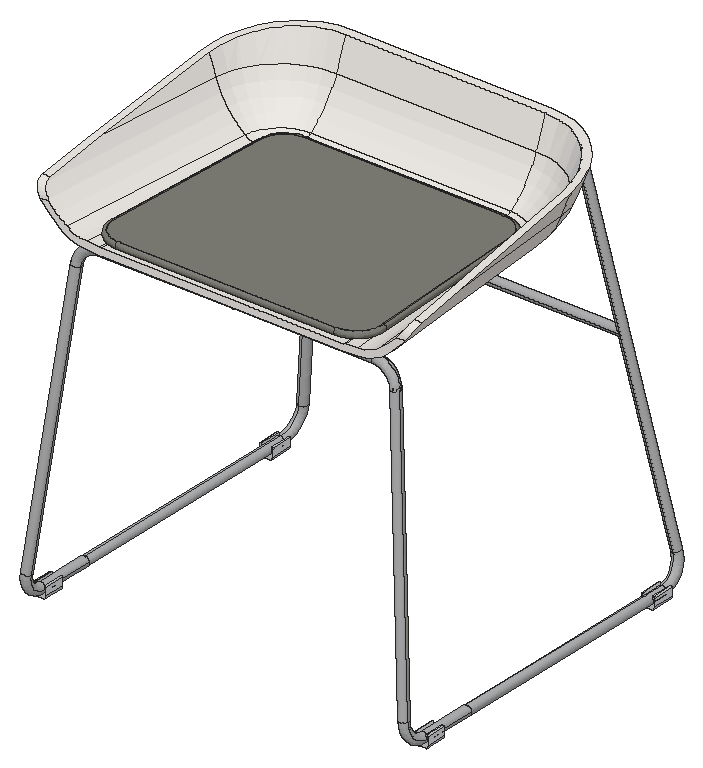
Revit family "revitupgrade", category Furniture, Revit 2019
Family settings
  Work Plane-Based = No
  Always vertical = Yes
  Cut with Voids When Loaded = No
  Shared = No
  Room Calculation Point = No
Parameters (values of type "with Upholstered Seat")
  Upholstery [instance] = Steelcase - BR08 Celery
  Upholstered Seat Cushion = yes
  URL = "https://www.steelcase.com"
  Symbol Name = "TS3704"
  Style Number(s) = "TS30704"
  Seat [instance] = Steelcase - 6618 White
  Release Date = "April 2018"  # constant formula
  Product Line = "Turnstone"  # constant formula
  Product = "Scoop"  # constant formula
  Opaque [instance] = yes
  Manufacturer = "Steelcase"  # constant formula
  Frame [instance] = Steelcase - 4799 Platinum Metallic
  Description = ""
  Copyright = "© 2010 Steelcase Inc."  # constant formula
  AutoCAD Tag = "SCOOP"  # constant formula
  Authoring Version = "Revit 2016"  # constant formula
  Assembly Code = "E2020200"
Types (2): name | Upholstered Seat Cushion | Symbol Name | Style Number(s) | Frame
  No Upholstered Seat | no | "TS3703" | "TS30703" | Steelcase - 6618 White
  with Upholstered Seat | yes | "TS3704" | "TS30704" | Steelcase - 4799 Platinum Metallic
Reference planes (in)
  plane 1 "Front": y = 0
  plane 2 "Bottom": z = 0
  plane 3 "Center Left/Right": x = 0
  plane 4: through (-10.26119, -180, 0.42307) normal (-0.9872, 0, 0.1592)
  plane 5: through (-10.27283, -180, 0.35089) normal (-0.9945, 0, 0.1045)
  plane 6: through (0, 0.96131, 16.58001) normal (0, 0.9962, -0.0872)
  plane 7: through (0, 15.22848, 20.23932) normal (0, -0.9903, -0.1392)
Forms (in)
  Sweep 1, solid, material "Steelcase - 6618 White" <- "Seat"
    path origin (180, 0, 0) x (1, 0, 0) y (0, 1, 0)
      loop
        line (-186.53428, -0.8001) -> (-185.51226, 10.65439)
        arc (-185.51226, 10.65439) -> (-185.46409, 10.75174) -> (-185.36285, 10.79106) r 0.15
        line (-185.36285, 10.79106) -> (-174.63715, 10.79106)
        arc (-174.63715, 10.79106) -> (-174.53591, 10.75174) -> (-174.48774, 10.65439) r 0.15
        line (-174.48774, 10.65439) -> (-173.46572, -0.8001)
    profile origin (0, 10.79106, 0) x (0, 1, 0) y (0, 0, 1)
      loop
        line (0.05035, 18.00107) -> (0.08413, 18.00107)
        arc (0.08413, 18.00107) -> (0.15067, 18.00312) -> (0.21696, 18.00926) r 1.08118
        arc (0.21696, 18.00926) -> (0.53401, 18.04187) -> (0.85214, 18.06133) r 7.70327
        arc (0.85214, 18.06133) -> (1.50241, 18.1741) -> (2.10113, 18.45179) r 2.52068
        arc (2.10113, 18.45179) -> (3.22113, 19.4442) -> (3.97339, 20.73781) r 4.71092
        arc (3.97339, 20.73781) -> (4.32001, 21.66549) -> (4.64867, 22.59967) r 51.35089
        line (4.64867, 22.59967) -> (4.25759, 22.59967)
        arc (4.25759, 22.59967) -> (3.95063, 21.73232) -> (3.62806, 20.87065) r 50.98089
        arc (3.62806, 20.87065) -> (2.93489, 19.67864) -> (1.90284, 18.76417) r 4.34092
        arc (1.90284, 18.76417) -> (1.39201, 18.52724) -> (0.83719, 18.43103) r 2.15068
        arc (0.83719, 18.43103) -> (0.50378, 18.41063) -> (0.1715, 18.37646) r 8.07327
        arc (0.1715, 18.37646) -> (0.1279, 18.37242) -> (0.08413, 18.37107) r 0.71118
        line (0.08413, 18.37107) -> (0.05035, 18.37107) -> (0.05035, 18.00107)
  Extrusion 2, void
    sketch origin (-8.04536, 5.95107, 48) x (0, -1, 0) y (0, 0, 1)
      loop
        line (-9.54849, -25.43864) -> (5.20014, -27.65585)
        arc (5.20014, -27.65585) -> (5.6593, -27.90166) -> (5.85955, -28.38244) r 0.77582
        line (5.85955, -28.38244) -> (5.95659, -30.234) -> (7.20107, -30.234) -> (7.20107, -24.99592) -> (-9.54849, -24.99592) -> (-9.54849, -25.43864)
    from -20.13826 to 4.20464
  Extrusion 3, solid, material "Steelcase - 6618 White" <- "Seat"
    sketch origin (0, 0, 0) x (1, 0, 0) y (0, 1, 0)
      loop
        line (-5.56241, 10.65887) -> (-6.51285, 0.00674) -> (6.51285, 0.00674) -> (5.56241, 10.65887)
        arc (5.56241, 10.65887) -> (5.49808, 10.7889) -> (5.36285, 10.84142) r 0.20035
        line (5.36285, 10.84142) -> (-5.36285, 10.84142)
        arc (-5.36285, 10.84142) -> (-5.49808, 10.7889) -> (-5.56241, 10.65887) r 0.20035
    from 18 to 18.37107
  Sweep 4, solid, material "Steelcase - 4799 Platinum Metallic" <- "Frame"
    path origin (-10.26119, -180, 0.42307) x (-0.159228, 0, -0.987242) y (0, -1, 0)
      loop
        line (-20.18039, -195.46618) -> (-1.41101, -197.99489)
        arc (-1.41101, -197.99489) -> (-0.42135, -197.69712) -> (0.00589, -196.75608) r 1.25
        line (0.00589, -196.75608) -> (0.00589, -183.61454)
    profile origin (-8.54221, 16.73054, 11.08103) x (-0.02126, -0.991046, -0.131815) y (-0.987242, 0, 0.159228)
      loop
        circle (0, 0) r 0.25
  Sweep 5, solid, material "Steelcase - 4799 Platinum Metallic" <- "Frame"
    path origin (-10.27283, -180, 0.35089) x (-0.104528, 0, -0.994522) y (0, -1, 0)
      loop
        line (-0.06731, -183.61454) -> (-0.06731, -180.71688)
        arc (-0.06731, -180.71688) -> (-0.44709, -179.8583) -> (-1.33784, -179.56172) r 1.1604
        line (-1.33784, -179.56172) -> (-16.2899, -180.98732)
    profile origin (-10.26579, 2.16571, 0.41783) x (0.104528, 0, 0.994522) y (-0.994522, 0, 0.104528)
      loop
        circle (0, 0) r 0.25
  Sweep 6, solid, material "Steelcase - 4799 Platinum Metallic" <- "Frame"
    path origin (0, 0.96131, 16.58001) x (0, -0.087156, -0.996195) y (-1, 0, 0)
      loop
        arc (0.09639, 8.82725) -> (-0.82674, 8.35654) -> (-1.198, 7.38911) r 1.44612
        line (-1.198, 7.38911) -> (-1.198, 0) -> (-1.198, -7.38911)
        arc (-1.198, -7.38911) -> (-0.82674, -8.35654) -> (0.09639, -8.82725) r 1.44612
    profile origin (-3.69456, 1.06572, 17.77344) x (0, -0.087156, -0.996195) y (0, 0.996195, -0.087156)
      loop
        circle (0.24905, 0.02179) r 0.25
  Sweep 7, solid
    path origin (0, 15.22848, 20.23932) x (0, -0.139173, 0.990268) y (-1, 0, 0)
      loop
        arc (0.06771, 7.31058) -> (0.8747, 6.83408) -> (1.19236, 5.95239) r 1.38243
        line (1.19236, 5.95239) -> (1.19236, -5.95239)
        arc (1.19236, -5.95239) -> (0.8747, -6.83408) -> (0.06771, -7.31058) r 1.38243
    profile origin (0, 15.06254, 21.42008) x (0, -0.139173, 0.990268) y (0, -0.990268, -0.139173)
      loop
        circle (-0.25, -0.25) r 0.25
  Sweep 8, solid, material "Steelcase - 4799 Platinum Metallic" <- "Frame"
    path origin (10.26119, -180, 0.42307) x (0.159228, 0, -0.987242) y (0, 1, 0)
      loop
        line (-20.18039, 195.46618) -> (-1.41101, 197.99489)
        arc (-1.41101, 197.99489) -> (-0.42135, 197.69712) -> (0.00589, 196.75608) r 1.25
        line (0.00589, 196.75608) -> (0.00589, 183.61454)
    profile origin (8.54221, 16.73054, 11.08103) x (-0.02126, 0.991046, 0.131815) y (0.987242, 0, 0.159228)
      loop
        circle (0, 0) r 0.25
  Sweep 9, solid, material "Steelcase - 4799 Platinum Metallic" <- "Frame"
    path origin (10.27283, -180, 0.35089) x (0.104528, 0, -0.994522) y (0, 1, 0)
      loop
        line (-0.06731, 183.61454) -> (-0.06731, 180.71688)
        arc (-0.06731, 180.71688) -> (-0.44709, 179.8583) -> (-1.33784, 179.56172) r 1.1604
        line (-1.33784, 179.56172) -> (-16.2899, 180.98732)
    profile origin (10.26579, 2.16571, 0.41783) x (0.104528, 0, -0.994522) y (0.994522, 0, 0.104528)
      loop
        circle (0, 0) r 0.25
  Sweep 10, solid, material "Steelcase - 4799 Platinum Metallic" <- "Frame"
    path origin (0, 0, 0) x (0, 1, 0) y (0, 0, 1)
      loop
        line (2.33213, 17.5) -> (11.42505, 17.5)
        arc (11.42505, 17.5) -> (14.15423, 18.59414) -> (15.37178, 21.27055) r 3.95085
    profile origin (0, 6.87859, 17.5) x (0, 0, 1) y (1, 0, 0)
      loop
        circle (0, -3.79944) r 0.25
      loop
        circle (0, 3.79944) r 0.25
  Sweep 11, solid, material "Steelcase - 4799 Platinum Metallic" <- "Frame"
    path origin (0, 0, 0) x (1, 0, 0) y (0, 1, 0)
      loop
        arc (3.79944, 2.33674) -> (3.57977, 1.80641) -> (3.04944, 1.58674) r 0.75
        line (3.04944, 1.58674) -> (-3.04944, 1.58674)
        arc (-3.04944, 1.58674) -> (-3.57977, 1.80641) -> (-3.79944, 2.33674) r 0.75
    profile origin (0, 1.58674, 0) x (0, -1, 0) y (0, 0, 1)
      loop
        circle (-0.05574, 17.4998) r 0.25
  Extrusion 12, solid, material "Steelcase - 4799 Platinum Metallic" <- "Frame"
    sketch origin (0, 0, 0) x (1, 0, 0) y (0, 1, 0)
      loop
        line (-4.04849, 11.60632) -> (-4.04849, 1.10632) -> (4.04765, 1.10632) -> (4.04765, 11.60632) -> (-4.04849, 11.60632)
    from 17.766 to 18
  Extrusion 13, solid, material "Steelcase - 4799 Platinum Metallic" <- "Frame"
    sketch origin (0, 0, 0) x (0, 1, 0) y (0, 0, 1)
      loop
        circle (16.55437, 12.32258) r 0.25
    from -8.328 to 8.32109
  Sweep 14, solid, material "Steelcase - BR08 Celery" <- "Upholstery", visible <- "Upholstered Seat Cushion"
    path origin (0, 0, 0) x (1, 0, 0) y (0, 1, 0)
      loop
        arc (6.7084, 11.00355) -> (6.29639, 11.89207) -> (5.38645, 12.25432) r 1.32397
        line (5.38645, 12.25432) -> (-5.38645, 12.25432)
        arc (-5.38645, 12.25432) -> (-6.29639, 11.89207) -> (-6.7084, 11.00355) r 1.32397
        line (-6.7084, 11.00355) -> (-7.21783, 1.80333)
        arc (-7.21783, 1.80333) -> (-6.85184, 0.80446) -> (-5.87473, 0.38381) r 1.34515
        line (-5.87473, 0.38381) -> (5.87473, 0.38381)
        arc (5.87473, 0.38381) -> (6.85184, 0.80446) -> (7.21783, 1.80333) r 1.34515
        line (7.21783, 1.80333) -> (6.7084, 11.00355)
    profile origin (6.96311, 6.40344, 0) x (0.998471, 0.055287, 0) y (0, 0, 1)
      loop
        arc (0, 18.41237) -> (0.16881, 18.58119) -> (0, 18.75) r 0.16881
        line (0, 18.75) -> (0, 18.41237)
  Extrusion 15, solid, material "Steelcase - BR08 Celery" <- "Upholstery", visible <- "Upholstered Seat Cushion"
    sketch origin (0, 0, 0) x (1, 0, 0) y (0, 1, 0)
      loop
        arc (-5.38645, 12.25432) -> (-6.29639, 11.89207) -> (-6.7084, 11.00355) r 1.32397
        line (-6.7084, 11.00355) -> (-7.21783, 1.80333)
        arc (-7.21783, 1.80333) -> (-6.85184, 0.80446) -> (-5.87473, 0.38381) r 1.34515
        line (-5.87473, 0.38381) -> (5.87473, 0.38381)
        arc (5.87473, 0.38381) -> (6.85184, 0.80446) -> (7.21783, 1.80333) r 1.34515
        line (7.21783, 1.80333) -> (6.7084, 11.00355)
        arc (6.7084, 11.00355) -> (6.29639, 11.89207) -> (5.38645, 12.25432) r 1.32397
        line (5.38645, 12.25432) -> (-5.38645, 12.25432)
    from 18.41237 to 18.75
  Extrusion 16, solid
    sketch origin (0, 0, 0) x (1, 0, 0) y (0, 0, 1)
      loop
        arc (-10.54399, 0.6557) -> (-10.59167, 0.63594) -> (-10.61142, 0.58826) r 0.06743
        line (-10.61142, 0.58826) -> (-10.61142, 0.16)
        arc (-10.61142, 0.16) -> (-10.56456, 0.04686) -> (-10.45142, 0) r 0.16
        line (-10.45142, 0) -> (-10.07999, 0)
        arc (-10.07999, 0) -> (-9.96685, 0.04686) -> (-9.91999, 0.16) r 0.16
        line (-9.91999, 0.16) -> (-9.91999, 0.5857)
        arc (-9.91999, 0.5857) -> (-9.9359, 0.63013) -> (-9.9764, 0.65436) r 0.07
        line (-9.9764, 0.65436) -> (-10.01532, 0.37745)
        arc (-10.01532, 0.37745) -> (-10.11575, 0.21459) -> (-10.30193, 0.17044) r 0.25
        arc (-10.30193, 0.17044) -> (-10.45246, 0.25516) -> (-10.51213, 0.41725) r 0.25
        line (-10.51213, 0.41725) -> (-10.48707, 0.6557) -> (-10.54399, 0.6557)
      loop
        line (10.54399, 0.6557) -> (10.48707, 0.6557) -> (10.51213, 0.41725)
        arc (10.51213, 0.41725) -> (10.45246, 0.25516) -> (10.30193, 0.17044) r 0.25
        arc (10.30193, 0.17044) -> (10.11575, 0.21459) -> (10.01532, 0.37745) r 0.25
        line (10.01532, 0.37745) -> (9.9764, 0.65436)
        arc (9.9764, 0.65436) -> (9.9359, 0.63013) -> (9.91999, 0.5857) r 0.07
        line (9.91999, 0.5857) -> (9.91999, 0.16)
        arc (9.91999, 0.16) -> (9.96685, 0.04686) -> (10.07999, 0) r 0.16
        line (10.07999, 0) -> (10.45142, 0)
        arc (10.45142, 0) -> (10.56456, 0.04686) -> (10.61142, 0.16) r 0.16
        line (10.61142, 0.16) -> (10.61142, 0.58826)
        arc (10.61142, 0.58826) -> (10.59167, 0.63594) -> (10.54399, 0.6557) r 0.06743
    from -1.68405 to -0.61368
  Extrusion 17, solid
    sketch origin (0, 0, 0) x (1, 0, 0) y (0, 0, 1)
      loop
        arc (-10.54399, 0.6557) -> (-10.59167, 0.63594) -> (-10.61142, 0.58826) r 0.06743
        line (-10.61142, 0.58826) -> (-10.61142, 0.16)
        arc (-10.61142, 0.16) -> (-10.56456, 0.04686) -> (-10.45142, 0) r 0.16
        line (-10.45142, 0) -> (-10.07999, 0)
        arc (-10.07999, 0) -> (-9.96685, 0.04686) -> (-9.91999, 0.16) r 0.16
        line (-9.91999, 0.16) -> (-9.91999, 0.5857)
        arc (-9.91999, 0.5857) -> (-9.9359, 0.63013) -> (-9.9764, 0.65436) r 0.07
        line (-9.9764, 0.65436) -> (-10.01532, 0.37745)
        arc (-10.01532, 0.37745) -> (-10.11575, 0.21459) -> (-10.30193, 0.17044) r 0.25
        arc (-10.30193, 0.17044) -> (-10.45246, 0.25516) -> (-10.51213, 0.41725) r 0.25
        line (-10.51213, 0.41725) -> (-10.48707, 0.6557) -> (-10.54399, 0.6557)
      loop
        line (10.54399, 0.6557) -> (10.48707, 0.6557) -> (10.51213, 0.41725)
        arc (10.51213, 0.41725) -> (10.45246, 0.25516) -> (10.30193, 0.17044) r 0.25
        arc (10.30193, 0.17044) -> (10.11575, 0.21459) -> (10.01532, 0.37745) r 0.25
        line (10.01532, 0.37745) -> (9.9764, 0.65436)
        arc (9.9764, 0.65436) -> (9.9359, 0.63013) -> (9.91999, 0.5857) r 0.07
        line (9.91999, 0.5857) -> (9.91999, 0.16)
        arc (9.91999, 0.16) -> (9.96685, 0.04686) -> (10.07999, 0) r 0.16
        line (10.07999, 0) -> (10.45142, 0)
        arc (10.45142, 0) -> (10.56456, 0.04686) -> (10.61142, 0.16) r 0.16
        line (10.61142, 0.16) -> (10.61142, 0.58826)
        arc (10.61142, 0.58826) -> (10.59167, 0.63594) -> (10.54399, 0.6557) r 0.06743
    from -16.96497 to -15.82283
Cuts and joins
  Extrusion 2 cuts Sweep 1
  Extrusion 2 cuts Extrusion 3
  joined: Sweep 1, Extrusion 3
Lines and regions (in)
  Masking region 1, visible <- "Opaque"
    outline origin (180, 0, 0) x (1, 0, 0) y (0, 1, 0)
      loop
        arc (-191.57931, 0.61368) -> (-191.55617, 0.01942) -> (-191.45844, -0.5672) r 4.71631
        arc (-191.45844, -0.5672) -> (-191.29841, -0.73999) -> (-191.06306, -0.73095) r 0.28182
        line (-191.06306, -0.73095) -> (-189.71655, 0.00006) -> (-180, 0.00006) -> (-170.28345, 0.00006) -> (-168.93694, -0.73095)
        arc (-168.93694, -0.73095) -> (-168.70159, -0.73999) -> (-168.54156, -0.5672) r 0.28182
        arc (-168.54156, -0.5672) -> (-168.44383, 0.01942) -> (-168.42069, 0.61368) r 4.71631
        line (-168.42069, 0.61368) -> (-168.42069, 18.1313) -> (-168.48254, 19.12973)
        arc (-168.48254, 19.12973) -> (-168.6537, 19.43056) -> (-168.99976, 19.4371) r 0.34994
        line (-168.99976, 19.4371) -> (-173.13919, 15.62368)
        arc (-173.13919, 15.62368) -> (-173.62115, 15.55536) -> (-174.10769, 15.5403) r 4.4316
        line (-174.10769, 15.5403) -> (-179.99994, 15.5403) -> (-185.89231, 15.5403)
        arc (-185.89231, 15.5403) -> (-186.37885, 15.55536) -> (-186.86081, 15.62368) r 4.4316
        line (-186.86081, 15.62368) -> (-191.00024, 19.4371)
        arc (-191.00024, 19.4371) -> (-191.3463, 19.43056) -> (-191.51746, 19.12973) r 0.34994
        line (-191.51746, 19.12973) -> (-191.57931, 18.1313) -> (-191.57931, 0.61368)
  symbolic lines, style "Steelcase Furniture"
    curve 1: line (-6.86081, 15.62368, 0) -> (-11.00024, 19.4371, 0)
    curve 2: line (0.00006, 15.5403, 0) -> (-5.89231, 15.5403, 0)
    curve 3: arc (-5.89231, 15.5403, 0) -> (-6.37885, 15.55536, 0) -> (-6.86081, 15.62368, 0) r 4.4316
    curve 4: arc (-11.00024, 19.4371, 0) -> (-11.3463, 19.43056, 0) -> (-11.51746, 19.12973, 0) r 0.34994
    curve 5: line (-11.51746, 19.12973, 0) -> (-11.57931, 18.1313, 0)
    curve 6: line (-11.57931, 18.1313, 0) -> (-11.57931, 0.61368, 0)
    curve 7: arc (-11.57931, 0.61368, 0) -> (-11.55617, 0.01942, 0) -> (-11.45844, -0.5672, 0) r 4.71631
    curve 8: arc (-11.45844, -0.5672, 0) -> (-11.29841, -0.73999, 0) -> (-11.06306, -0.73095, 0) r 0.28182
    curve 9: line (-11.06306, -0.73095, 0) -> (-9.71655, 0.00006, 0)
    curve 10: line (-9.71655, 0.00006, 0) -> (0, 0.00006, 0)
    curve 23: line (6.86081, 15.62368, 0) -> (11.00024, 19.4371, 0)
    curve 24: line (0.00006, 15.5403, 0) -> (5.89231, 15.5403, 0)
    curve 25: arc (5.89231, 15.5403, 0) -> (6.37885, 15.55536, 0) -> (6.86081, 15.62368, 0) r 4.4316
    curve 26: arc (11.00024, 19.4371, 0) -> (11.3463, 19.43056, 0) -> (11.51746, 19.12973, 0) r 0.34994
    curve 27: line (11.51746, 19.12973, 0) -> (11.57931, 18.1313, 0)
    curve 28: line (11.57931, 18.1313, 0) -> (11.57931, 0.61368, 0)
    curve 29: arc (11.57931, 0.61368, 0) -> (11.55617, 0.01942, 0) -> (11.45844, -0.5672, 0) r 4.71631
    curve 30: arc (11.45844, -0.5672, 0) -> (11.29841, -0.73999, 0) -> (11.06306, -0.73095, 0) r 0.28182
    curve 31: line (11.06306, -0.73095, 0) -> (9.71655, 0.00006, 0)
    curve 32: line (9.71655, 0.00006, 0) -> (0, 0.00006, 0)
  symbolic lines, style "Steelcase Furniture", detail levels medium+fine
    curve 11: line (-6.39231, 0.79106, 0) -> (-5.50006, 10.79106, 0)
    curve 12: line (-6.39231, 0.00006, 0) -> (-6.39231, 0.79106, 0)
    curve 13: line (-11.03831, -0.14862, 0) -> (-9.76998, 0.54005, 0)
    curve 14: line (-11.30381, -0.29282, 0) -> (-11.03831, -0.14862, 0)
    curve 15: line (-11.07931, 18.13386, 0) -> (-11.07931, 0.61362, 0)
    curve 16: arc (-11.07931, 0.61362, 0) -> (-11.07054, 0.23187, 0) -> (-11.03831, -0.14862, 0) r 6.20575
    curve 17: arc (-9.04015, 13.14718, 0) -> (-9.52584, 6.94646, 0) -> (-9.79181, 0.73244, 0) r 175.74829
    curve 18: line (-9.79181, 0.73244, 0) -> (-9.70869, 0.00006, 0)
    curve 19: arc (-6.68422, 15.28743, 0) -> (-8.27569, 14.67248, 0) -> (-9.04015, 13.14718, 0) r 2.3668
    curve 20: line (-7.15977, 15.22023, 0) -> (-11.04731, 18.80155, 0)
    curve 21: line (-11.04731, 18.80155, 0) -> (-11.07931, 18.13386, 0)
    curve 22: line (0, 15.28743, 0) -> (-6.68422, 15.28743, 0)
    curve 33: line (6.39231, 0.79106, 0) -> (5.50006, 10.79106, 0)
    curve 34: line (6.39231, 0.00006, 0) -> (6.39231, 0.79106, 0)
    curve 35: line (11.03831, -0.14862, 0) -> (9.76998, 0.54005, 0)
    curve 36: line (11.30381, -0.29282, 0) -> (11.03831, -0.14862, 0)
    curve 37: line (11.07931, 18.13386, 0) -> (11.07931, 0.61362, 0)
    curve 38: arc (11.07931, 0.61362, 0) -> (11.07054, 0.23187, 0) -> (11.03831, -0.14862, 0) r 6.20575
    curve 39: arc (9.04015, 13.14718, 0) -> (9.52584, 6.94646, 0) -> (9.79181, 0.73244, 0) r 175.74829
    curve 40: line (9.79181, 0.73244, 0) -> (9.70869, 0.00006, 0)
    curve 41: arc (6.68422, 15.28743, 0) -> (8.27569, 14.67248, 0) -> (9.04015, 13.14718, 0) r 2.3668
    curve 42: line (7.15977, 15.22023, 0) -> (11.04731, 18.80155, 0)
    curve 43: line (11.04731, 18.80155, 0) -> (11.07931, 18.13386, 0)
    curve 44: line (0, 15.28743, 0) -> (6.68422, 15.28743, 0)
    curve 45: line (-5.50006, 10.79106, 0) -> (5.50006, 10.79106, 0)
Dimensions and locks (in)
  aligned and locked: level to plane 2 "Bottom"
